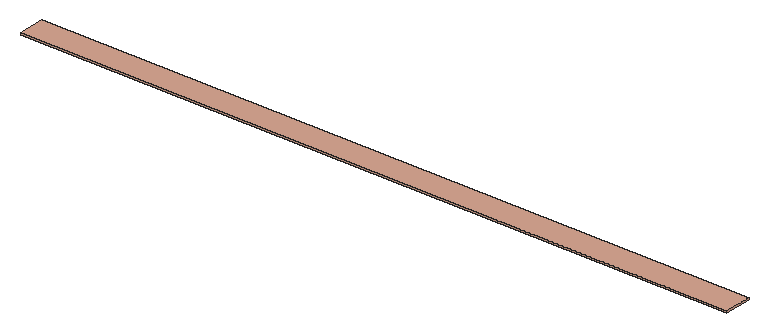
Revit family "Pletina de cobre estañado", category Equipos especializados, Revit 2017
Family settings
  Cota de conector redondo = Diámetro de uso
  Tipo de pieza = Normal
  Se basa en plano de trabajo = No
  Siempre vertical = Sí
  Corte con vacíos al cargar = No
  Compartido = Sí
  Punto de cálculo de habitación = No
Parameters
  URL = "https://at3w.com/"
  Referencia AT [instance] = "AT-052D"  # constant formula
  Peso por metro (kg/m) [instance] = 1  # constant formula
  Model = ""
  Material [instance] = Cobre
  Longitud [instance] = 800 mm
  Fabricante = "APLICACIONES TECNOLÓGICAS"  # constant formula
  Dimensiones (mm) [instance] = "30 x 2"  # constant formula
  Descripción = "Metros de conductor de pletina de cobre estañado de 30 x 2 mm. Ref. AT-052D"  # constant formula
  Código de montaje = "3.3"
Reference planes
  plane 1 "Centro (Frontal/Posterior)": y = 0
  plane 2: z = 0
  plane 3 "Centro (Izquierda/Derecha)": x = 0
  plane 4: x = 800
Forms (mm)
  Extrusion 1, solid, material "Cobre" <- "Material"
    sketch origin (0, 0, 0) x (0, 1, 0) y (0, 0, 1)
      loop
        line (15, 0) -> (15, 2) -> (-15, 2) -> (-15, 0) -> (15, 0)
    from 0 to 800
Dimensions and locks
  "Longitud": plane 3 "Centro (Izquierda/Derecha)" to plane 4
  locked: Extrusion 1 sketch curve to Extrusion 1 sketch curve at 2
  locked: Extrusion 1 sketch curve to Extrusion 1 sketch curve at 30
  aligned and locked: level to plane 2
  aligned and locked: Extrusion 1 to plane 4
  aligned and locked: Extrusion 1 to plane 3 "Centro (Izquierda/Derecha)"
  aligned and locked: level to Extrusion 1 sketch curve
Automatic sketch dimensions
  plane 1 "Centro (Frontal/Posterior)" to Extrusion 1 sketch curve = 15 mm
